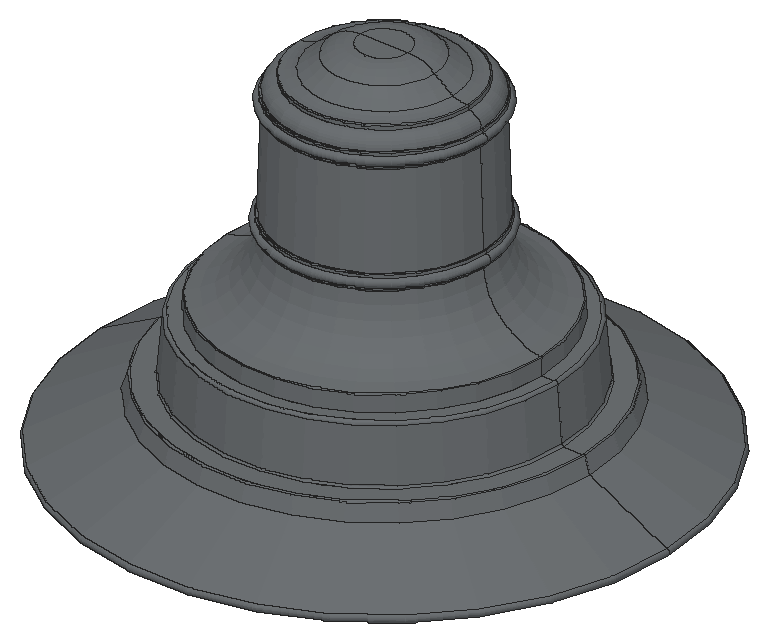
Revit family "Neri_Light 21_SU213L-Pooo", category Apparecchi per illuminazione, Revit 2018
Family settings
  Quota connettore circolare = Usa diametro
  Tipo di parte = Normale
  Numero OmniClass = 23.35.47.11
  Basato su piano di lavoro = No
  Sempre verticale = Sì
  Taglio con vuoti quando caricato = No
  Sorgente d'illuminazione = Sì
  Condiviso = No
  Punto di calcolo locali = No
Parameters (values of type "SU213L_NLG02")
  Region North America = "All"
  Overvoltage protection = "4kV/4kV (differential / common mode)"
  Material Secondary = "Hot galvanized steel"
  Luminaire Classification System = "BUG: B1 U0 G1"
  LOR = "100 %"
  Diametre = "1' - 9 3/4\""
  Weight = "17.63 lb"
  Wattage = 30.2945 W
  W = "48"
  Voltage = "120-277 V"
  UniFormat II Description = "Lighting and Branch Wiring"
  UniFormat II Code = "D5020"
  URL = "https://www.nerinorthamerica.com/en/products/lighting/lighting-fixtures/light-21-led-p.aspx?idC=62848&LN=en-US"
  Region South America = "All"
  Region Oceania = "All"
  Region Middle East = "All"
  Region Europe = "All"
  Region Asia = "All"
  Region Africa = "All"
  Produttore = "Neri SpA"
  Product Name = "Light 21 - LED P"
  Product Certification = "UL Standard 1598 (C, US)"
  built-in parameter 1150110 = 1 (stored number, unit not read)
  Painting Steps = "Information about paint steps used in this product in specific technical sheet"
  Painting = "Standard color Dark Grey, type Neri - On demand features - Painting:colour of RAL range"
  Optics = "NLG02"
  Luminous Efficacy = "94 Lm/W"
  Lighting Distribution/Class = "Asymmetrical - Type III - Short"
  Immagine tipo = <Nessuno>
  IP = "66"
  Operative Temperature = "-22F°/ +104F°"
  OmniClass Description = "Lighting Fixtures"
  OmniClass Code = "23-35 47 11"
  NBS_UniClass2015 Description = "Roadway Lighting Systems"
  NBS_UniClass2015 Code = "Ss_70_80_25_70"
  Modello = "SU213L-P"
  MasterFormat 2016 Description = "Exterior Lighting"
  MasterFormat 2016 Code = "26 56 00"
  Manufacturer Name = "Neri SpA"
  Manufacturer Country = "Italy"
  Lampada = "LED"
  Installation Instructions = "https://www.nerinorthamerica.com/upl/istruzioni/Z013_0021_001_Light 21_LED-P_2016C.pdf"
  IK = "10"
  Height of Installation = "11.5' to 16.5'"
  Height = "11' - 1/8\""
  Frequency = "50-60 Hz"
  File diagramma fotometrico = "SU213L_NLG02.IES"
  built-in parameter 1114217 = 1 (stored number, unit not read)
  built-in parameter 1150109 = 1 (stored number, unit not read)
  Fasteners = "Stainless Steel"
  Estimated Life = "80.000 h (L85 - Ta 25°C)"
  EAN Code = ""
  Design Country = "Italy"
  Description = ""
  Data Sheet = "https://www.nerinorthamerica.com/supporto/DownloadNeri.ashx?f=SU213LUS.pdf&LN=en-US"
  Control = "COD 02= 1-10V + NCL, COD 06= DALI + NCL, COD 14= NVL6H + NCL"
  Connection = "Suspended installation with threaded tube G 3/4\"\r\ntube (G 3/4\""
  built-in parameter 1150134 = 12
  built-in parameter 1150113 = 1 (stored number, unit not read)
  Lumens = 4500 lm
  built-in parameter 1150115 = 1 (stored number, unit not read)
  built-in parameter 1150105 = 358.1 (stored number, unit not read)
  built-in parameter 1150137 = 1
  built-in parameter 1150139 = (empty or 0)
  built-in parameter 1150112 = 1 (stored number, unit not read)
  built-in parameter 1150114 = 1 (stored number, unit not read)
  built-in parameter 1150132 = 2
  built-in parameter 1150102 = (empty or 0)
  built-in parameter 1150138 = (empty or 0)
  built-in parameter 1150107 = 4000 (stored number, unit not read)
  built-in parameter 1150106 = 3.581 (stored number, unit not read)
  built-in parameter 1150104 = 13.8 (stored number, unit not read)
  Dimming Lamp Color Temperature Shift = (empty or 0)
  Color Filter = 16777215
  built-in parameter 1114218 = 1 (stored number, unit not read)
  Material Main = Die-Cast and Sheet Aluminum
  Assembly Code = ""
  Class IES = "CutOff"
  CRI = ">70"
  EPA = "0.484 ft²"
  Tilt Angle = 90.00°
  built-in parameter 1150133 = 10 (stored number, unit not read)
Types (3, lengths in mm): name | Luminaire Classification System | Optics | Lighting Distribution/Class | File diagramma fotometrico
  (no name) | "BUG: B1 U0 G1" | "NLG02" | "Asymmetrical - Type III - Short" | "SU213L_NLG02.IES"
  SU213L_NLG02 | "BUG: B1 U0 G1" | "NLG02" | "Asymmetrical - Type III - Short" | "SU213L_NLG02.IES"
  SU213L_NLG06 | "BUG: B2 U0 G0" | "NLG06" | "Rotosymmetrical - Type V - Short" | "SU213L_NLG06.IES"
Reference planes
  plane 1 "Asse sorgente illuminazione (F/B)": y = 635.815
  plane 2: z = 0
  plane 3 "Asse sorgente illuminazione (L/R)": x = 41.217
  plane 4 "Prospetto sorgente di illuminazione": z = 5000.089
Forms (mm)
  Revolve 1, solid, material "Die-Cast and Sheet Aluminum" <- "Material Main"
    sketch origin (42.62, 635.815, -3051.858) x (1, 0, 0) y (0, 0, 1)
      loop
        arc (171.729, 8128.953) -> (170.6, 8129.453) -> (170.211, 8130.625) r 1.525
        line (170.211, 8130.625) -> (166.346, 8180.494)
        arc (166.346, 8180.494) -> (165.464, 8182.623) -> (163.336, 8183.504) r 3.01
        line (163.336, 8183.504) -> (151.337, 8183.504) -> (150.806, 8198.728)
        arc (150.806, 8198.728) -> (150.503, 8199.199) -> (149.995, 8199.433) r 1.001
        arc (149.995, 8199.433) -> (111.709, 8218.524) -> (94.88, 8257.857) r 62.047
        arc (94.88, 8257.857) -> (95.049, 8258.313) -> (95.496, 8258.504) r 0.615
        line (95.496, 8258.504) -> (96.337, 8258.504)
        arc (96.337, 8258.504) -> (96.697, 8258.73) -> (96.837, 8259.131) r 0.643
        line (96.837, 8259.131) -> (96.837, 8261.504)
        arc (96.837, 8261.504) -> (100.837, 8265.504) -> (96.837, 8269.504) r 4
        line (96.837, 8269.504) -> (96.837, 8272.004)
        arc (96.837, 8272.004) -> (96.591, 8272.365) -> (96.177, 8272.504) r 0.686
        line (96.177, 8272.504) -> (94.837, 8272.504) -> (91.861, 8361.802)
        arc (91.861, 8361.802) -> (91.99, 8362.236) -> (92.354, 8362.504) r 0.712
        line (92.354, 8362.504) -> (93.337, 8362.504)
        arc (93.337, 8362.504) -> (93.736, 8362.695) -> (93.837, 8363.125) r 0.512
        line (93.837, 8363.125) -> (93.837, 8365.504)
        arc (93.837, 8365.504) -> (97.837, 8369.504) -> (93.837, 8373.504) r 4
        line (93.837, 8373.504) -> (93.837, 8375.79)
        arc (93.837, 8375.79) -> (93.7, 8376.226) -> (93.337, 8376.504) r 0.76
        line (93.337, 8376.504) -> (91.837, 8376.504)
        arc (91.837, 8376.504) -> (88.322, 8384.989) -> (79.837, 8388.504) r 12
        line (79.837, 8388.504) -> (79.837, 8391.504)
        arc (79.837, 8391.504) -> (79.621, 8392.125) -> (79.066, 8392.477) r 1
        arc (79.066, 8392.477) -> (71.918, 8393.247) -> (65.176, 8395.747) r 29.085
        arc (65.176, 8395.747) -> (56.065, 8401.654) -> (47.632, 8408.494) r 102.312
        arc (47.632, 8408.494) -> (35.431, 8415.118) -> (21.738, 8417.409) r 42.058
        line (21.738, 8417.409) -> (-1.403, 8417.409) -> (-1.403, 8054.947) -> (160.181, 8054.947) -> (160.181, 8051.947) -> (170.181, 8051.947) -> (170.181, 8109.028) -> (191.544, 8109.028) -> (271.439, 8069.14)
        arc (271.439, 8069.14) -> (273.762, 8072.226) -> (271.849, 8075.582) r 3.516
        line (271.849, 8075.582) -> (197.427, 8113.502) -> (192.182, 8128.015)
        arc (192.182, 8128.015) -> (191.629, 8128.695) -> (190.791, 8128.953) r 1.511
        line (190.791, 8128.953) -> (171.729, 8128.953)
      axis (-1.403, 8417.409) -> (-1.403, 8051.947)
    angle from 0 to 360
  Revolve 2, void
    sketch origin (42.62, 635.815, 3348.142) x (1, 0, 0) y (0, 0, 1)
      loop
        line (-162.988, 1651.947) -> (-1.163, 1651.947) -> (-1.163, 1655.947) -> (-162.988, 1655.947) -> (-162.988, 1651.947)
      axis (-1.163, 1655.947) -> (-1.163, 1651.947)
    angle from 0 to 360
Cuts and joins
  Revolve 2 cuts Revolve 1
Dimensions and locks
  aligned and locked: plane 3 "Asse sorgente illuminazione (L/R)" to imposter light
  aligned and locked: plane 1 "Asse sorgente illuminazione (F/B)" to imposter light
  aligned and locked: plane 4 "Prospetto sorgente di illuminazione" to imposter light
  aligned and locked: level to plane 2
